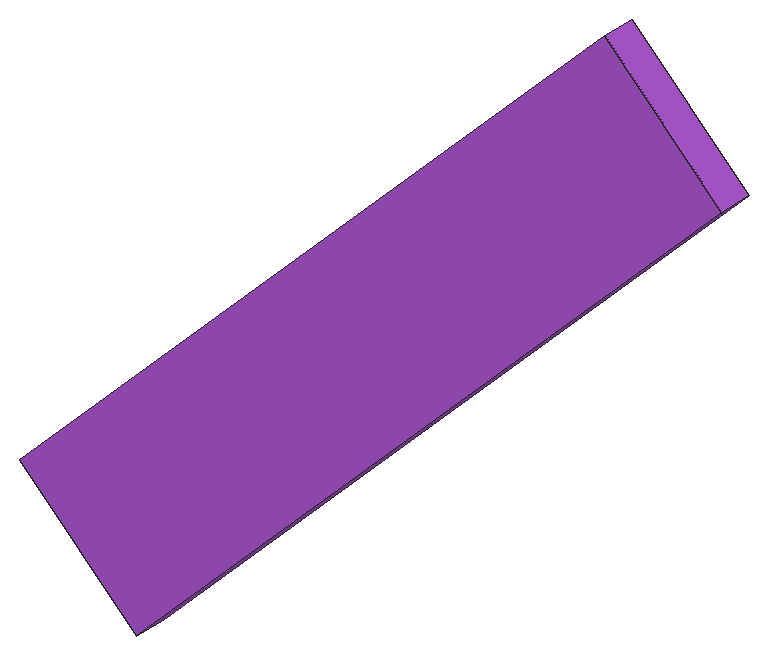
Revit family "ケーブルトレイサポート_角形鋼管(長方形)", category Generic Models, Revit 2023
Family settings
  Can host rebar = No
  Round Connector Dimension = Use Diameter
  Part Type = Normal
  Work Plane-Based = Yes
  Always vertical = No
  Cut with Voids When Loaded = No
  Maintain Annotation Orientation = No
  Shared = No
  Room Calculation Point = No
Parameters (values of type "100 x 20")
  高さ = 100 mm
  長辺 [instance] = 長さ  # 500 mm
  長さ [instance] = 500 mm
  部屋名 = ""
  角度 [instance] = 45.00°
  Default Elevation = 1219.2 mm
  構造マテリアル = E304_ケーブルトレイサポート
  幅 = 20 mm
Types (20, lengths in mm): name | 高さ | 幅
  50 x 20 | 50 | 20
  50 x 30 | 50 | 30
  60 x 30 | 60 | 30
  75 x 20 | 75 | 20
  75 x 45 | 75 | 45
  80 x 40 | 80 | 40
  90 x 40 | 90 | 40
  100 x 20 | 100 | 20
  100 x 40 | 100 | 40
  100 x 50 | 100 | 50
  125 x 40 | 125 | 40
  125 x 75 | 125 | 75
  150 x 100 | 150 | 100
  150 x 75 | 150 | 75
  150 x 80 | 150 | 80
  200 x 100 | 200 | 100
  200 x 150 | 200 | 150
  300 x 200 | 300 | 200
  350 x 150 | 350 | 150
  400 x 200 | 400 | 200
Reference planes
  plane 1 "中心(正面/背面)": y = 0
  plane 2: z = 0
  plane 3 "中心(左/右)": x = 0
Lines and regions (mm)
  reference lines
    curve 1: line (0, 0, 0) -> (848.528, 0, 848.528)
    curve 2: line (35.355, 0, -35.355) -> (-35.355, 0, 35.355)
    curve 3: line (388.909, 0, 318.198) -> (318.198, 0, 388.909)
Dimensions and locks
  equal spacing: curve 2, curve 1, curve 2
  "高さ": curve 2 to curve 2
  equal spacing: curve 3, curve 1, curve 3
  "高さ": curve 3 to curve 3
  "長さ": curve 2 to curve 3
  "角度": angle level to curve 1
  angle curve 2 to curve 1 = 90.00°
  angle curve 3 to curve 1 = 90.00°
  aligned and locked: level to plane 2
  aligned and locked: level to curve 1
  aligned and locked: plane 3 "中心(左/右)" to curve 1
  aligned and locked: nested 1 to curve 1
Nested families
  nested 1: "グレーチング_角形鋼管(長方形)" at (-35.355, 0, 35.355) x (0, 1, 0) z (0.7071, 0, -0.7071), 長さ <- "長さ", type "50 x 20"
    with 長辺 500 mm, 長さ 500 mm, 高さ 100 mm
Definition of nested family "グレーチング_角形鋼管(長方形)"
  Parameters (values of type "50 x 20")
    高さ = 50 mm
    長辺 [instance] = 長さ  # 1000 mm
    長さ [instance] = 1000 mm
    部屋名 = ""
    Default Elevation = 1219.2 mm
    構造マテリアル = none
    幅 = 20 mm
  Reference planes
    plane 1 "中心(正面/背面)": y = 0
    plane 2: z = 0
    plane 3 "中心(左/右)": x = 0
    plane 4: z = 25
    plane 5: z = 50
  Forms (mm)
    Extrusion 1, solid, material <- "構造マテリアル"
      sketch origin (0, 0, 0) x (1, 0, 0) y (0, 1, 0)
        loop
          line (-10, 1000) -> (-10, 0) -> (10, 0) -> (10, 1000) -> (-10, 1000)
      from 0 to 50
  Lines and regions (mm)
    reference lines
      curve 1: line (10, 1000, 0) -> (-10, 1000, 0)
      curve 2: line (10, 0, 0) -> (-10, 0, 0)
  Dimensions and locks
    "長さ": curve 1 to curve 2
    "幅": Extrusion 1 to Extrusion 1
    equal spacing: Extrusion 1, plane 3 "中心(左/右)", Extrusion 1
    "幅": curve 1 to curve 1
    equal spacing: curve 1, plane 3 "中心(左/右)", curve 1
    "幅": curve 2 to curve 2
    equal spacing: curve 2, plane 3 "中心(左/右)", curve 2
    equal spacing: plane 5, plane 4, level
    "高さ": plane 5 to level
    aligned and locked: level to plane 2
    aligned and locked: Extrusion 1 to curve 2
    aligned and locked: curve 1 to Extrusion 1
    aligned and locked: plane 5 to Extrusion 1
  Automatic sketch dimensions
    Extrusion 1 sketch curve to plane 3 "中心(左/右)" = 10 mm
    plane 3 "中心(左/右)" to Extrusion 1 sketch curve = 10 mm
    plane 1 "中心(正面/背面)" to Extrusion 1 sketch curve = 0 mm
    Extrusion 1 sketch curve to plane 1 "中心(正面/背面)" = 1000 mm
    plane 1 "中心(正面/背面)" to curve 2 = 0 mm
